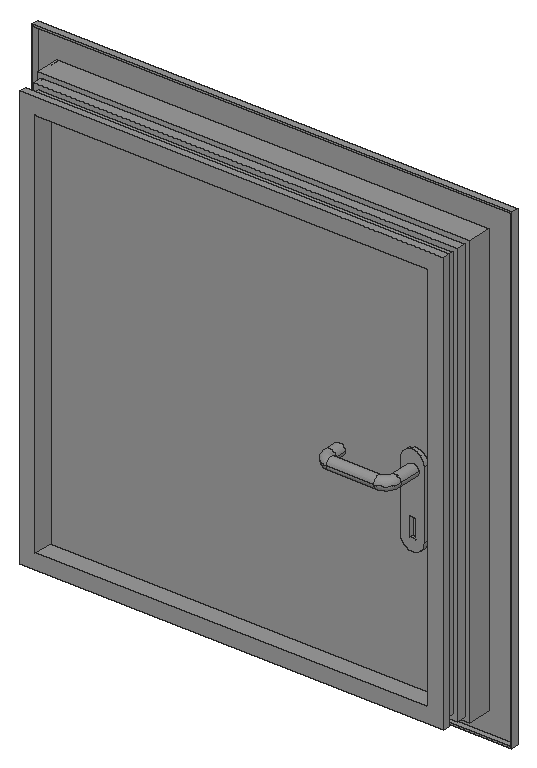
Revit family "SystemSchroeders_Wandklappe", category HLS-Bauteile, Revit 2018
Family settings
  Basisbauteil = Wand
  Bemaßung runder Anschluss = Durchmesser verwenden
  Klassifizierung = Keine
  Teiletyp = Normal
  Immer vertikal = Nein
  Beim Laden mit Abzugskörper schneiden = Nein
  Gemeinsam genutzt = Nein
  Raumberechnungspunkt = Nein
Parameters (values of type "TSN-3 CE")
  a1 = Gopen + 9 mm  # 24 mm
  Widerstandsfähigkeit gegen Winlast = "bis Klasse C5 (2.000 Pa)"
  URL = "https://www.system-schroeders.de/content/de/sicherheitstueren/feuerschutztueren/feuerschutztuer-tsn-1-ce.html"
  Twall [instance] = 150 mm
  Schlagregendichtheit = "bis Klasse 8A"
  Hersteller = "System Schröders"
  Dicke Blatt = 65 mm
  Schallschutz = "53 (-1;-5) dB"
  Rauchschutz = "S200"
  Werkstoff Klappenblatt = Edelstahl
  Assembly Code = ""
  Abdeckung = 26 mm
  Druck- / Sogwiderstand = "5000Pa"
  Werkstoff Griff/Schloss = Edelstahl
  Höhe Öffnung = 760 mm
  Einbauhöhe = 1600 mm
  Gopen = 0.5 * (Breite Öffnung - Breite Rahmen)  # 15 mm
  Werkstoff Rahmen = Edelstahl
  Feuerschutz = "EI2 60 -S a -C5"
  Einbruchschutz = "RC4 RC3 RC2 RC1"
  Breite Öffnung = 760 mm
  Breite Rahmen = Breite Öffnung - 30 mm  # 730 mm
  Luftdichtigkeit = "bis Klasse 4 (600 Pa)"
Types (12, lengths in mm): name | Widerstandsfähigkeit gegen Winlast | Twall | Schlagregendichtheit | Dicke Blatt | Schallschutz | Rauchschutz | Druck- / Sogwiderstand | Feuerschutz | Einbruchschutz | Luftdichtigkeit
  TSN-1 CE | "bis Klasse C5 (2.000 Pa)" | 150 | "bis Klasse 8A" | 65 | "53 (-1;-5) dB" | "S200" | "5000Pa" | "EI2 60 -S a -C5" | "RC4 RC3 RC2 RC1" | "bis Klasse 4 (600 Pa)"
  ESN-1 | "bis Klasse C5 (2.000 Pa)" | 200 | "bis Klasse 8A" | 65 | "53 (-1;-5) dB" | "-" | "5000Pa" | "-" | "RC4 RC3 RC2 RC1" | "bis Klasse 4 (600 Pa)"
  EIS-11 | "bis Klasse C5 (2.000 Pa)" | 200 | "bis Klasse 8A" | 65 | "-" | "S200" | "5000Pa" | "EI2 120 -S a -C5" | "-" | "bis Klasse 4 (600 Pa)"
  ASN-1 | "bis Klasse C5 (2.000 Pa)" | 200 | "bis Klasse 8A" | 65 | "-" | "-" | "5000Pa" | "-" | "-" | "bis Klasse 4 (600 Pa)"
  TSN-3 CE | "bis Klasse C5 (2.000 Pa)" | 150 | "bis Klasse 8A" | 65 | "53 (-1;-5) dB" | "S200" | "5000Pa" | "EI2 60 -S a -C5" | "RC4 RC3 RC2 RC1" | "bis Klasse 4 (600 Pa)"
  TSN-1 | "" | 200 | "" | 65 | "53 (-1;-5) dB" | "RS" | "5000Pa" | "T-30" | "RC4 RC3 RC2 RC1" | "bis Klasse 4 (600 Pa)"
  TSN-11 | "" | 200 | "" | 65 | "53 (-1;-5) dB" | "RS" | "5000Pa" | "T-90" | "RC4 RC3 RC2 RC1" | "bis Klasse 4 (600 Pa)"
  TSN-11 CE | "bis Klasse C5 (2.000 Pa)" | 200 | "bis Klasse 8A" | 65 | "53 (-1;-5) dB" | "S200" | "5000Pa" | "EI2 90 -S a -C5" | "RC4 RC3 RC2 RC1" | "bis Klasse 4 (600 Pa)"
  SN-1 | "bis Klasse C5 (2.000 Pa)" | 200 | "bis Klasse 8A" | 65 | "53 (-1;-5) dB" | "-" | "5000Pa" | "-" | "-" | "bis Klasse 4 (600 Pa)"
  RSN-1 | "bis Klasse C5 (2.000 Pa)" | 200 | "bis Klasse 8A" | 65 | "53 (-1;-5) dB" | "RS" | "5000Pa" | "-" | "RC4 RC3 RC2 RC1" | "bis Klasse 4 (600 Pa)"
  ISN-1 | "bis Klasse C5 (2.000 Pa)" | 200 | "bis Klasse 8A" | 80 | "-" | "-" | "-" | "-" | "-" | "bis Klasse 4 (600 Pa)"
  RSN-1 CE | "bis Klasse C5 (2.000 Pa)" | 200 | "bis Klasse 8A" | 65 | "-" | "-" | "-" | "-" | "-" | "-"
Reference planes
  plane 1 "Wall": y = 0
  plane 2 "Center (Left/Right)": x = 125
  plane 3 "Back": y = 75
  plane 4: z = 1600
  plane 5: y = 91
Forms (mm)
  Sweep 1, solid, material "Edelstahl" <- "Werkstoff Rahmen"
    path origin (-5738.651, 75, 749.541) x (-1, 0, 0) y (0, 0, 1)
      loop
        line (-5483.651, 470.459) -> (-5483.651, 1230.459) -> (-6243.651, 1230.459) -> (-6243.651, 470.459) -> (-5483.651, 470.459)
    profile "Profile1 : Type 2" origin (-255, 75, 1600) x (1, 0, 0) y (0, 1, 0)
      loop
        line (-26, 0) -> (-24, 0) -> (-24, 10) -> (22, 10) -> (22, 2) -> (15, 2) -> (15, -39) -> (22, -39) -> (22, -55) -> (30, -55) -> (30, -65.5) -> (42, -65.5) -> (42, -55) -> (46, -55) -> (46, -83) -> (24, -83) -> (24, -73) -> (22, -73) -> (22, -85) -> (48, -85) -> (48, -53) -> (40, -53) -> (40, -63.5) -> (32, -63.5) -> (32, -53) -> (24, -53) -> (24, -37) -> (17, -37) -> (17, 0) -> (24, 0) -> (24, 12) -> (-26, 12) -> (-26, 0)
  Extrusion 2, solid, material "Edelstahl" <- "Werkstoff Klappenblatt"
    sketch origin (1725, 0, 1475) x (0, 0, 1) y (-1, 0, 0)
      loop
        line (-231, 1956) -> (-231, 1244) -> (481, 1244) -> (481, 1956) -> (-231, 1956)
    from -88 to -22
  Extrusion 3, solid, material "Edelstahl" <- "Werkstoff Klappenblatt"
    sketch origin (1725, 0, 1475) x (0, 0, 1) y (-1, 0, 0)
      loop
        line (-249, 1974) -> (-249, 1226) -> (499, 1226) -> (499, 1974) -> (-249, 1974)
    from -91 to -88
  Extrusion 4, solid, material "Edelstahl" <- "Werkstoff Griff/Schloss"
    sketch origin (1725, 0, 1600) x (0, 1, 0) y (-1, 0, 0)
      loop
        arc (102.753, 1987) -> (118.701, 1967.317) -> (113, 1992) r 13
        line (113, 1992) -> (87, 1992) -> (87, 1987) -> (102.753, 1987)
    from 101 to 201
  Extrusion 5, solid, material "Edelstahl" <- "Werkstoff Griff/Schloss"
    sketch origin (1725, -25, 1600) x (0, 1, 0) y (-1, 0, 0)
      loop
        arc (127.753, 1987) -> (143.701, 1967.317) -> (138, 1992) r 13
        line (138, 1992) -> (123, 1992) -> (113, 1982) -> (113, 1974) -> (116, 1974) -> (116, 1958) -> (118, 1958) -> (118, 1979.929) -> (125.071, 1987) -> (127.753, 1987)
    from 210 to 310
  Extrusion 6, solid, material "Edelstahl" <- "Werkstoff Griff/Schloss"
    sketch origin (1725, 0, 1600) x (0, 1, 0) y (-1, 0, 0)
      loop
        circle (113, 1979) r 13
    from 201 to 210
  Extrusion 7, solid, material "Edelstahl" <- "Werkstoff Griff/Schloss"
    sketch origin (1725, -25, 1600) x (0, 1, 0) y (-1, 0, 0)
      loop
        arc (127.753, 1987) -> (143.701, 1967.317) -> (138, 1992) r 13
        line (138, 1992) -> (112, 1992) -> (112, 1987) -> (127.753, 1987)
    from -310 to -210
  Extrusion 8, solid, material "Edelstahl" <- "Werkstoff Griff/Schloss"
    sketch origin (1725, 0, 1600) x (0, 1, 0) y (-1, 0, 0)
      loop
        circle (113, 1979) r 13
    from -210 to -201
  Extrusion 9, solid, material "Edelstahl" <- "Werkstoff Griff/Schloss"
    sketch origin (1725, -25, 1600) x (0, 1, 0) y (-1, 0, 0)
      loop
        arc (127.753, 1987) -> (143.701, 1967.317) -> (138, 1992) r 13
        line (138, 1992) -> (123, 1992) -> (113, 1982) -> (113, 1974) -> (116, 1974) -> (116, 1958) -> (118, 1958) -> (118, 1979.929) -> (125.071, 1987) -> (127.753, 1987)
    from -201 to -101
  Extrusion 10, solid, material "Edelstahl" <- "Werkstoff Griff/Schloss"
    sketch origin (1725, 0, 1475) x (0, 0, 1) y (-1, 0, 0)
      loop
        line (136, 1334) -> (21.4, 1334)
        arc (21.4, 1334) -> (1.4, 1314) -> (21.4, 1294) r 20
        line (21.4, 1294) -> (136, 1294)
        arc (136, 1294) -> (156, 1314) -> (136, 1334) r 20
      loop
        line (54.4, 1319) -> (21.4, 1319) -> (21.4, 1309) -> (54.4, 1309) -> (54.4, 1319)
    from -98 to -91
  Extrusion 11, solid, material "Edelstahl" <- "Werkstoff Griff/Schloss"
    sketch origin (1725, 0, 1475) x (0, 0, 1) y (-1, 0, 0)
      loop
        line (136, 1334) -> (21.4, 1334)
        arc (21.4, 1334) -> (1.4, 1314) -> (21.4, 1294) r 20
        line (21.4, 1294) -> (136, 1294)
        arc (136, 1294) -> (156, 1314) -> (136, 1334) r 20
      loop
        line (54.4, 1319) -> (21.4, 1319) -> (21.4, 1309) -> (54.4, 1309) -> (54.4, 1319)
    from -22 to -15
  Sweep 12, solid, material "Edelstahl" <- "Werkstoff Griff/Schloss"
    path origin (1725, 0, 1600) x (0, 1, 0) y (-1, 0, 0)
      loop
        line (98, 1314) -> (136, 1314)
        arc (136, 1314) -> (146.607, 1318.393) -> (151, 1329) r 15
        line (151, 1329) -> (151, 1409)
        arc (151, 1409) -> (146.607, 1419.607) -> (136, 1424) r 15
        line (136, 1424) -> (116, 1424)
    profile origin (411, 117, 1600) x (-1, 0, 0) y (0, 0, 1)
      loop
        circle (0, 0) r 10
  Sweep 13, solid, material "Edelstahl" <- "Werkstoff Griff/Schloss"
    path origin (1725, 108, 1600) x (0, -1, 0) y (1, 0, 0)
      loop
        line (93, -1314) -> (131, -1314)
        arc (131, -1314) -> (141.607, -1318.393) -> (146, -1329) r 15
        line (146, -1329) -> (146, -1409)
        arc (146, -1409) -> (141.607, -1419.607) -> (131, -1424) r 15
        line (131, -1424) -> (111, -1424)
    profile origin (411, -4, 1600) x (1, 0, 0) y (0, 0, 1)
      loop
        circle (0, 0) r 10
Lines and regions (mm)
  Opening 1
    outline origin (-5000, 75, 0) x (-1, 0, 0) y (0, 0, 1)
      loop
        line (-5505, 1980) -> (-5505, 1220) -> (-4745, 1220) -> (-4745, 1980) -> (-5505, 1980)
Text (mm)
  text "Placement Side" at (-1848.837, 1116.779, 0), in view "Ref. Level"
  text "Placement side" at (0, 1409.804, 2854.306), in view "Left"
  text "Placement side" at (0, 499.811, 2980.732), in view "Right"
Dimensions and locks
  locked: plane 3 "Back" to host wall
  "Einbauhöhe": level to plane 4
  "Twall": host wall to host wall
  "Höhe Öffnung": Opening 1 sketch curve to Opening 1 sketch curve
  Opening 1 sketch curve to Opening 1 sketch curve = 760 mm  (x2)
  "Breite Öffnung": Opening 1 sketch curve to Opening 1 sketch curve
  locked: Extrusion 2 to Extrusion 3 sketch curve at 18  (x3)
  locked: Extrusion 3 sketch curve to Extrusion 2 at 18
  locked: Extrusion 4 sketch curve to Sweep 1 at 26
  locked: Extrusion 4 sketch curve to Extrusion 3 at 5
  locked: Extrusion 4 sketch curve to Extrusion 4 sketch curve at 5
  locked: Extrusion 4 sketch curve to Extrusion 4 sketch curve at 13
  locked: Extrusion 5 sketch curve to Extrusion 5 sketch curve at 5  (x2)
  locked: Extrusion 5 sketch curve to Extrusion 5 sketch curve at 8
  locked: Extrusion 6 to Extrusion 6 at 9
  locked: Extrusion 4 to Extrusion 6 at 100
  locked: Extrusion 7 sketch curve to Extrusion 7 sketch curve at 5
  locked: Extrusion 7 sketch curve to Extrusion 7 sketch curve at 13
  locked: Extrusion 9 sketch curve to Extrusion 9 sketch curve at 5  (x2)
  locked: Extrusion 9 sketch curve to Extrusion 9 sketch curve at 8
  Extrusion 3 to Extrusion 10 sketch curve = 68 mm
  locked: Extrusion 10 sketch curve to Extrusion 10 sketch curve at 40
  locked: Extrusion 3 to Extrusion 10 sketch curve at 68
  Extrusion 10 sketch curve to Extrusion 10 sketch curve = 15 mm  (x2)
  locked: Extrusion 10 sketch curve to Extrusion 10 sketch curve at 33
  locked: Extrusion 11 sketch curve to Extrusion 11 sketch curve at 40
  Extrusion 11 sketch curve to Extrusion 11 sketch curve = 15 mm  (x2)
  locked: Extrusion 11 sketch curve to Extrusion 11 sketch curve at 33
  Sweep 12 sketch curve to Extrusion 3 = 60 mm
  locked: Extrusion 3 to Sweep 12 sketch curve at 88
  locked: Sweep 12 sketch curve to Sweep 12 sketch curve at 110
  locked: Sweep 12 sketch curve to Sweep 12 sketch curve at 35
  locked: Sweep 13 sketch curve to Sweep 13 sketch curve at 110
  locked: Sweep 13 sketch curve to Sweep 13 sketch curve at 35
  locked: Sweep 13 sketch curve to Extrusion 2 at 70
  locked: Sweep 13 sketch curve to Sweep 13 sketch curve at 53
  locked: Extrusion 5 to host wall at 70
  locked: Extrusion 6 to host wall at 170
  equal spacing: Sweep 1 sketch curve, plane 4, Sweep 1 sketch curve
  "Höhe Öffnung": Sweep 1 sketch curve to Sweep 1 sketch curve
  equal spacing: Sweep 1 sketch curve, plane 2 "Center (Left/Right)", Sweep 1 sketch curve
  "Breite Öffnung": Sweep 1 sketch curve to Sweep 1 sketch curve
  equal spacing: Opening 1 sketch curve, plane 2 "Center (Left/Right)", Opening 1 sketch curve
  equal spacing: Opening 1 sketch curve, plane 4, Opening 1 sketch curve
  host wall to Extrusion 7 to Extrusion 8 to Extrusion 9 to Extrusion 9 = 70 mm locked, 100 mm locked, 9 mm locked, 100 mm locked
  equal spacing: nested 2, host wall, nested 2
  locked: plane 5 to Extrusion 5 at 11.753
  locked: plane 5 to Extrusion 4 at 11.753
  locked: plane 5 to Extrusion 9 at 11.753
  locked: plane 5 to Extrusion 7 at 11.753
  locked: plane 3 "Back" to Sweep 1 at 12
  locked: Sweep 1 to Extrusion 5 at 13
  locked: plane 3 "Back" to Extrusion 4 at 12
  locked: Extrusion 10 to plane 5 at 7
  locked: plane 5 to plane 3 "Back" at 16
  locked: Sweep 1 to plane 3 "Back" at 85
  locked: plane 3 "Back" to Extrusion 6 at 51
  locked: Sweep 1 to Extrusion 6 at 51
  locked: plane 3 "Back" to Extrusion 5 at 13
  locked: Extrusion 11 to Extrusion 10 at 69
  locked: Sweep 12 to Sweep 13 at 119
  locked: Extrusion 11 to Extrusion 10 at 83
  radius of Extrusion 4 sketch curve = 13 mm
  radius of Extrusion 7 sketch curve = 13 mm
  radius of Extrusion 10 sketch curve = 20 mm  (x2)
  radius of Extrusion 11 sketch curve = 20 mm  (x2)
  radius of Sweep 12 sketch curve = 15 mm  (x2)
  radius of Sweep 12 sketch curve = 10 mm
  radius of Sweep 13 sketch curve = 15 mm  (x2)
  radius of Sweep 13 sketch curve = 10 mm
  locked: Extrusion 5 sketch curve to Extrusion 5 sketch curve (angle 135.00°)
  locked: Extrusion 9 sketch curve to Extrusion 9 sketch curve (angle 135.00°)
  aligned and locked: plane 1 "Wall" to host wall
  aligned and locked: plane 3 "Back" to nested 1
  aligned and locked: plane 2 "Center (Left/Right)" to nested 1
  aligned and locked: host wall to nested 2
  aligned and locked: plane 4 to nested 2
  aligned and locked: Extrusion 2 sketch curve to Sweep 1  (x4)
  aligned and locked: Extrusion 2 to Sweep 1
  aligned and locked: Extrusion 2 to Extrusion 3
  aligned and locked: Sweep 1 to Extrusion 4 sketch curve
  aligned and locked: Extrusion 5 sketch curve to Extrusion 3
  aligned and locked: Extrusion 3 to Extrusion 5 sketch curve
  aligned and locked: Extrusion 5 sketch curve to Extrusion 4
  aligned and locked: Extrusion 4 to Extrusion 5 sketch curve
  aligned and locked: Sweep 1 to Extrusion 5 sketch curve
  aligned and locked: Extrusion 6 sketch curve to Extrusion 4
  aligned and locked: Extrusion 5 to Extrusion 6
  aligned and locked: Extrusion 6 to Extrusion 4
  aligned and locked: Extrusion 7 sketch curve to Extrusion 4
  aligned and locked: Sweep 1 to Extrusion 7 sketch curve
  aligned and locked: Extrusion 8 to Extrusion 7
  aligned and locked: Extrusion 8 sketch curve to Extrusion 7
  aligned and locked: Extrusion 9 to Extrusion 8
  aligned and locked: Extrusion 9 sketch curve to Extrusion 7  (x2)
  aligned and locked: Extrusion 9 sketch curve to Extrusion 5  (x5)
  aligned and locked: Extrusion 9 sketch curve to Extrusion 3  (x2)
  aligned and locked: Extrusion 10 sketch curve to Extrusion 10 sketch curve
  aligned and locked: Extrusion 10 to Extrusion 3
  aligned and locked: Extrusion 11 sketch curve to Extrusion 10  (x2)
  aligned and locked: Extrusion 10 to Extrusion 11 sketch curve
  aligned and locked: Extrusion 11 to Extrusion 2
  aligned and locked: Extrusion 10 to Sweep 12 sketch curve
  aligned and locked: profile plane to Sweep 12 sketch curve
  aligned and locked: profile plane to Sweep 13 sketch curve
  aligned and locked: Sweep 13 sketch curve to Extrusion 11
Automatic sketch dimensions
  Extrusion 5 sketch curve to plane 5 = 0 mm
  Extrusion 5 sketch curve to Extrusion 5 sketch curve = 2.682 mm
  Extrusion 5 sketch curve to Extrusion 5 sketch curve = 10.247 mm
  plane 5 to Extrusion 7 sketch curve = 11.753 mm
  Extrusion 10 sketch curve to plane 4 = 103.6 mm
  plane 4 to Extrusion 10 sketch curve = 11 mm
  Sweep 12 sketch curve to profile plane = 0 mm
  Sweep 13 sketch curve to profile plane = 0 mm
Nested families
  nested 1: "OpenSymbol" at (125, 0, 0), B <- "Breite Öffnung", T <- "Twall", type "OpenSymbol"
    with Wand maskieren yes, Verdeckte Linien yes, T 150 mm, Linien ausgezogen yes, Füllungssymbol yes, B 760 mm
  nested 2: "OpenSymbol" at (125, 0, 1600) x (0, -1, 0) z (1, 0, 0), B <- "Twall", T <- "Höhe Öffnung", type "OpenSymbol"
    with Wand maskieren yes, Verdeckte Linien yes, T 760 mm, Linien ausgezogen yes, Füllungssymbol yes, B 150 mm
Definition of nested family "OpenSymbol"
  Parameters (values of type "OpenSymbol")
    B [instance] = 200 mm
    Wand maskieren [instance] = yes
    Linien ausgezogen [instance] = yes
    Verdeckte Linien [instance] = yes
    Füllungssymbol [instance] = yes
    T [instance] = 100 mm
  Reference planes
    plane 1 "Mitte ( Vorne/hinten)": y = 0
    plane 2: z = 0
    plane 3 "Mitte (Links/rechts)": x = 0
    plane 4: y = 50
    plane 5: x = -100
    plane 6: x = 100
    plane 7: y = -50
  Lines and regions (mm)
    Masking region 1, in view "Ref.-Ebene", visible <- "Wand maskieren"
      outline origin (0, 0, 0) x (1, 0, 0) y (0, 1, 0)
        loop
          line (-100, -50) -> (0, 0) -> (-100, 50) -> (-100, -50)
    Masking region 2, in view "Ref.-Ebene", visible <- "Wand maskieren"
      outline origin (0, 0, 0) x (0, 1, 0) y (-1, 0, 0)
        loop
          line (-50, -100) -> (50, -100) -> (0, 0) -> (-50, -100)
    Masking region 3, in view "Ref.-Ebene", visible <- "Wand maskieren"
      outline origin (0, 0, 0) x (1, 0, 0) y (0, 1, 0)
        loop
          line (-100, 50) -> (0, 0) -> (100, 50) -> (-100, 50)
    Masking region 4, in view "Ref.-Ebene", visible <- "Wand maskieren"
      outline origin (0, 0, 0) x (0, -1, 0) y (1, 0, 0)
        loop
          line (50, -100) -> (50, 100) -> (0, 0) -> (50, -100)
    detail lines, in view "Ref.-Ebene", visible <- "Linien ausgezogen"
      curve 1: line (-100, 50, 0) -> (100, 50, 0)
      curve 2: line (-100, -50, 0) -> (-100, 50, 0)
      curve 3: line (100, -50, 0) -> (-100, -50, 0)
      curve 4: line (100, 50, 0) -> (100, -50, 0)
      curve 5: line (-100, -50, 0) -> (100, 50, 0)
      curve 6: line (-100, 50, 0) -> (100, -50, 0)
    detail lines, in view "Ref.-Ebene", visible <- "Verdeckte Linien"
      curve 7: line (-100, 50, 0) -> (100, 50, 0)
      curve 8: line (-100, -50, 0) -> (-100, 50, 0)
      curve 9: line (100, -50, 0) -> (-100, -50, 0)
      curve 10: line (100, 50, 0) -> (100, -50, 0)
      curve 11: line (-100, 50, 0) -> (100, -50, 0)
      curve 12: line (-100, -50, 0) -> (100, 50, 0)
  Dimensions and locks
    equal spacing: plane 5, plane 3 "Mitte (Links/rechts)", plane 6
    equal spacing: plane 4, plane 1 "Mitte ( Vorne/hinten)", plane 7
    "B": plane 5 to plane 6
    "T": plane 4 to plane 7
    aligned and locked: curve 1 to plane 4
    aligned and locked: curve 3 to plane 7
    aligned and locked: Masking region 1 sketch curve to curve 2
    aligned and locked: Masking region 1 sketch curve to curve 6
    aligned and locked: Masking region 1 sketch curve to curve 5
    aligned and locked: Masking region 2 sketch curve to plane 6
    aligned and locked: Masking region 2 sketch curve to curve 5
    aligned and locked: Masking region 2 sketch curve to curve 6
    aligned and locked: Masking region 3 sketch curve to curve 1
    aligned and locked: Masking region 3 sketch curve to curve 6
    aligned and locked: curve 5 to Masking region 3 sketch curve
    aligned and locked: plane 7 to Masking region 4 sketch curve
    aligned and locked: curve 6 to Masking region 4 sketch curve
    aligned and locked: Masking region 4 sketch curve to curve 5
    aligned and locked: plane 6 to curve 10
    aligned and locked: plane 5 to curve 8
